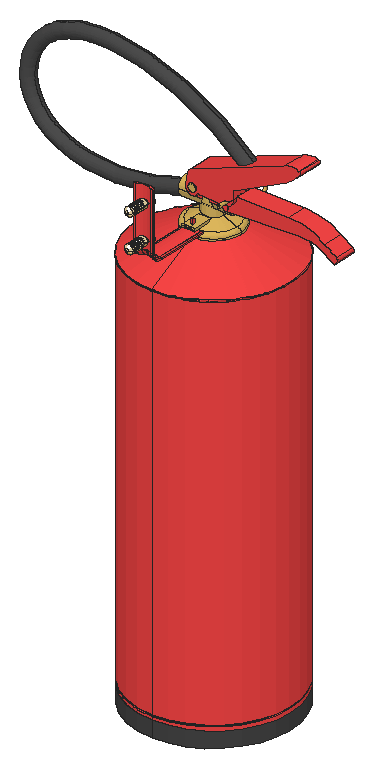
Revit family "Extintor Portátil - A", category Proteção contra incêndio, Revit 2026
Family settings
  Cota do conector redondo = Utilizar diâmetro
  Tipo de parte = Normal
  Com base no plano de trabalho = Não
  Ativar corte nas vistas = Sim
  Sempre na vertical = Sim
  Corte com vazios quando carregada = Não
  Manter orientação da anotação = Não
  Compartilhado = Sim
  Ponto de cálculo do ambiente = Não
Parameters (values of type "2A - 10L")
  Tipo de imagem = Extintor - A.png
  Tipo = "A"
  SÍMBOLO = yes
  Sinalização de Solo [instance] = no
  Pernambuco = no
  Mato Grosso = no
  IMAGEM SIMBOLO PERNAMBUCO = 0
  IMAGEM SIMBOLO MATO GROSSO = 0
  IMAGEM SIMBOLO DISTRITO FEDERAL = 0
  IMAGEM SIMBOLO DEMAIS ESTADOS = 0
  Formato = "Portátil"
  Distrito Federal = no
  Desloc. Frente [instance] = 22.00 cm
  Desloc. Esquerda [instance] = 0.00 cm
  Descrição = "Extintor Portátil - 2-A - 10L"
  Elevação padrão = 0.00 cm
  DESCRIÇÃO DO MATERIAL = Descrição  # "Extintor Portátil - 2-A - 10L"
  Type Comments = ""
  Demais estados = yes
  Carga = "10 L"
  Capacidade Extintora = "2-A"
  Altura Instalada = 160.00 cm
Reference planes (cm)
  plane 1 "Centro (Frente/Trás)": y = 0
  plane 2: z = 0
  plane 3 "Centro (Esquerda/Direita)": x = 0
  plane 4: z = 160
  plane 5: z = 114.8285
Forms (cm)
  Revolve 1, solid, material "LATÃO", not visible
    sketch origin (512.5, 9.4644, -108.8868) x (1, 0, 0) y (0, 0, -1)
      loop
        line (-515.352, -267.1402) -> (-515.352, -267.3086)
        arc (-515.352, -267.3086) -> (-515.2378, -267.604) -> (-514.9545, -267.7457) r 0.4391
        line (-514.9545, -267.7457) -> (-513.5976, -268.3784) -> (-513.5976, -270.9598) -> (-512.5, -270.9598) -> (-512.5, -267.1402) -> (-515.352, -267.1402)
      axis (-512.5, -270.9598) -> (-512.5, -267.1402)
    angle from 0 to 360
  Extrusion 2, solid, material "LATÃO", not visible
    sketch origin (0, -8.5356, -108.8868) x (0, 1, 0) y (0, 0, -1)
      loop
        circle (18, -269.8519) r 1
    from -2.2901 to 2.852
  Extrusion 3, solid, material "Pintura Vermelha", not visible
    sketch origin (512.5, 11.7385, -108.8868) x (1, 0, 0) y (0, 0, -1)
      loop
        line (-514.431, -270.7615) -> (-514.2399, -271.8201)
        arc (-514.2399, -271.8201) -> (-514.07, -272.1841) -> (-513.7426, -272.4168) r 0.7871
        line (-513.7426, -272.4168) -> (-504.0905, -276.0508)
        arc (-504.0905, -276.0508) -> (-503.3249, -276.2128) -> (-502.5558, -276.0688) r 2
        line (-502.5558, -276.0688) -> (-502.4623, -276.0312)
        arc (-502.4623, -276.0312) -> (-502.359, -275.9073) -> (-502.4054, -275.7529) r 0.1702
        line (-502.4054, -275.7529) -> (-502.8188, -275.3394)
        arc (-502.8188, -275.3394) -> (-503.3151, -274.918) -> (-503.8731, -274.5828) r 4
        line (-503.8731, -274.5828) -> (-509.346, -271.8744) -> (-509.346, -271.0161)
        arc (-509.346, -271.0161) -> (-509.5312, -270.5072) -> (-510.0002, -270.2364) r 0.7917
        line (-510.0002, -270.2364) -> (-510.5886, -270.1327) -> (-513.1244, -270.31)
        arc (-513.1244, -270.31) -> (-513.9703, -269.9786) -> (-514.431, -270.7615) r 0.7
      loop
        circle (-513.7416, -270.6402) r 0.3999
      loop
        circle (-510.1681, -270.511) r 0.174
    from -3.5171 to -1.0457
  Extrusion 4, solid, material "Pintura Vermelha", not visible
    sketch origin (512.5, 11.7385, -108.8868) x (1, 0, 0) y (0, 0, -1)
      loop
        line (-514.4685, -270.738) -> (-514.2111, -271.6263)
        arc (-514.2111, -271.6263) -> (-514.1084, -271.7833) -> (-513.931, -271.8441) r 0.289
        line (-513.931, -271.8441) -> (-509.9322, -271.8441)
        arc (-509.9322, -271.8441) -> (-509.5653, -271.7141) -> (-509.3622, -271.382) r 0.5825
        line (-509.3622, -271.382) -> (-509.3259, -271.2101) -> (-503.785, -271.2101)
        arc (-503.785, -271.2101) -> (-501.8304, -270.9093) -> (-500.0567, -270.0346) r 6.5
        line (-500.0567, -270.0346) -> (-498.8325, -269.1774)
        arc (-498.8325, -269.1774) -> (-498.7163, -268.9761) -> (-498.7958, -268.7576) r 0.275
        line (-498.7958, -268.7576) -> (-499.0612, -268.4922) -> (-500.8253, -269.5254)
        arc (-500.8253, -269.5254) -> (-501.7717, -269.8338) -> (-502.7644, -269.9058) r 4.1122
        line (-502.7644, -269.9058) -> (-510.4608, -269.5288) -> (-510.7626, -269.8306) -> (-513.8876, -269.8306)
        arc (-513.8876, -269.8306) -> (-514.3665, -270.1636) -> (-514.4685, -270.738) r 0.7603
      loop
        circle (-513.7416, -270.6402) r 0.3999
      loop
        circle (-510.1792, -270.5042) r 0.2205
    from -3.3101 to -1.2023
  Extrusion 5, solid, material "LATÃO", not visible, detail levels medium+fine
    sketch origin (512.5, 13.2385, -108.2618) x (1, 0, 0) y (0, 0, -1)
      loop
        circle (-512.5, -269.2509) r 1.5
    from -1.2576 to -0.9824
  Sweep 6, solid, material "MANGUEIRA EXTINTOR", not visible
    path origin (512.5, 9.4099, -108.8868) x (1, 0, 0) y (0, 0, -1)
      loop
        spline (-514.8263, -269.8635) -> (-519.9522, -268.4972) -> (-524.5272, -268.3983) -> (-528.2055, -269.3959) -> (-530.6532, -271.3101) -> (-531.7331, -273.8106) -> (-531.4716, -276.4419) -> (-529.9001, -278.7449) -> (-527.05, -280.2603) -> (-523.041, -280.6093) -> (-518.283, -279.6772) -> (-513.2454, -277.403) -> (-508.3975, -273.7263)
    profile origin (-18.9716, 9.4099, 167.5551) x (0.940178, 0, -0.340682) y (0, 1, 0)
      loop
        circle (0, 0) r 0.7064
  Extrusion 7, solid, material "LATÃO", not visible
    sketch origin (512.5, 11.7385, -1.7466) x (1, 0, 0) y (0, 0, -1)
      loop
        circle (-513.7416, -163.5) r 0.3999
    from -3.5547 to -1.0118
  Sweep 8, solid, material "LATÃO", not visible
    path origin (-10.6073, 13.9644, 176.5919) x (-0.653611, 0, 0.756831) y (0, 1, 0)
      loop
        line (-19.7675, -6.7287) -> (-19.7675, -3.2287)
        arc (-19.7675, -3.2287) -> (-19.8376, -3.0235) -> (-20.0186, -2.9042) r 0.3352
        arc (-20.0186, -2.9042) -> (-19.7105, -0.9379) -> (-19.6283, -2.9265) r 1
    profile origin (2.3129, 8.9857, 161.6312) x (0.653611, 0, -0.756831) y (-0.756831, 0, -0.653611)
      loop
        circle (0, 0) r 0.1386
  Extrusion 9, solid, material "LATÃO", not visible
    sketch origin (0, 3.4644, -0.5084) x (0, 1, 0) y (0, 0, 1)
      loop
        line (4.8999, 160) -> (2.7614, 160)
        arc (2.7614, 160) -> (2.6976, 159.9769) -> (2.6634, 159.9183) r 0.0996
        line (2.6634, 159.9183) -> (2.6634, 159.8172)
        arc (2.6634, 159.8172) -> (2.6946, 159.7514) -> (2.7624, 159.7247) r 0.0992
        line (2.7624, 159.7247) -> (4.3095, 159.7247) -> (4.8999, 160)
    from -0.6244 to 0.6912
  Extrusion 10, void, not visible
    sketch origin (0, 0.2973, -1.1737) x (1, 0, 0) y (0, 1, 0)
      loop
        circle (-0.0064, 6.4293) r 0.2336
    from 160.2 to 160.7791
  Revolve 11, solid, material "Pintura Vermelha"
    sketch origin (0, 0, 0) x (0, 1, 0) y (0, 0, 1)
      loop
        line (9.1671, 159.4271) -> (9.1671, 116.4981) -> (17.1671, 116.4981) -> (17.1671, 116.8285) -> (16.9679, 116.8285) -> (16.9679, 117.0285) -> (17.1671, 117.0285) -> (17.1671, 156.6535)
        arc (17.1671, 156.6535) -> (17.2243, 156.6689) -> (17.2659, 156.711) r 0.1136
        arc (17.2659, 156.711) -> (17.2691, 156.7524) -> (17.2392, 156.7812) r 0.0487
        line (17.2392, 156.7812) -> (12.0191, 159.4271) -> (9.1671, 159.4271)
      axis (9.1671, 159.4271) -> (9.1671, 116.4981)
    angle from 0 to 360
  Revolve 12, solid, material "Cor Preta"
    sketch origin (0, 0, 0) x (0, 1, 0) y (0, 0, 1)
      loop
        line (9.1671, 116.4981) -> (9.1671, 114.8285) -> (17.1671, 114.8285) -> (17.1671, 116.4981) -> (9.1671, 116.4981)
      axis (9.1671, 116.4981) -> (9.1671, 114.8285)
    angle from 0 to 360
  Revolve 13, solid, material "LATÃO"
    sketch origin (512.5, 9.1671, -107.7131) x (1, 0, 0) y (0, 0, -1)
      loop
        line (-515.352, -267.1402) -> (-515.352, -267.3086)
        arc (-515.352, -267.3086) -> (-515.2378, -267.604) -> (-514.9545, -267.7457) r 0.4391
        line (-514.9545, -267.7457) -> (-513.5976, -268.3784) -> (-513.5976, -270.9598) -> (-512.5, -270.9598) -> (-512.5, -267.1402) -> (-515.352, -267.1402)
      axis (-512.5, -270.9598) -> (-512.5, -267.1402)
    angle from 0 to 360
  Extrusion 14, solid, material "LATÃO"
    sketch origin (0, -8.8329, -107.7131) x (0, 1, 0) y (0, 0, -1)
      loop
        circle (18, -269.8519) r 1
    from -2.2901 to 2.852
  Extrusion 15, solid, material "Pintura Vermelha"
    sketch origin (512.5, 11.4412, -107.7131) x (1, 0, 0) y (0, 0, -1)
      loop
        line (-514.431, -270.7615) -> (-514.2399, -271.8201)
        arc (-514.2399, -271.8201) -> (-514.07, -272.1841) -> (-513.7426, -272.4168) r 0.7871
        line (-513.7426, -272.4168) -> (-504.0905, -276.0508)
        arc (-504.0905, -276.0508) -> (-503.3249, -276.2128) -> (-502.5558, -276.0688) r 2
        line (-502.5558, -276.0688) -> (-502.4623, -276.0312)
        arc (-502.4623, -276.0312) -> (-502.359, -275.9073) -> (-502.4054, -275.7529) r 0.1702
        line (-502.4054, -275.7529) -> (-502.8188, -275.3394)
        arc (-502.8188, -275.3394) -> (-503.3151, -274.918) -> (-503.8731, -274.5828) r 4
        line (-503.8731, -274.5828) -> (-509.346, -271.8744) -> (-509.346, -271.0161)
        arc (-509.346, -271.0161) -> (-509.5312, -270.5072) -> (-510.0002, -270.2364) r 0.7917
        line (-510.0002, -270.2364) -> (-510.5886, -270.1327) -> (-513.1244, -270.31)
        arc (-513.1244, -270.31) -> (-513.9703, -269.9786) -> (-514.431, -270.7615) r 0.7
      loop
        circle (-513.7416, -270.6402) r 0.3999
      loop
        circle (-510.1681, -270.511) r 0.174
    from -3.5171 to -1.0457
  Extrusion 16, solid, material "Pintura Vermelha"
    sketch origin (512.5, 11.4412, -107.7131) x (1, 0, 0) y (0, 0, -1)
      loop
        line (-514.4685, -270.738) -> (-514.2111, -271.6263)
        arc (-514.2111, -271.6263) -> (-514.1084, -271.7833) -> (-513.931, -271.8441) r 0.289
        line (-513.931, -271.8441) -> (-509.9322, -271.8441)
        arc (-509.9322, -271.8441) -> (-509.5653, -271.7141) -> (-509.3622, -271.382) r 0.5825
        line (-509.3622, -271.382) -> (-509.3259, -271.2101) -> (-503.785, -271.2101)
        arc (-503.785, -271.2101) -> (-501.8304, -270.9093) -> (-500.0567, -270.0346) r 6.5
        line (-500.0567, -270.0346) -> (-498.8325, -269.1774)
        arc (-498.8325, -269.1774) -> (-498.7163, -268.9761) -> (-498.7958, -268.7576) r 0.275
        line (-498.7958, -268.7576) -> (-499.0612, -268.4922) -> (-500.8253, -269.5254)
        arc (-500.8253, -269.5254) -> (-501.7717, -269.8338) -> (-502.7644, -269.9058) r 4.1122
        line (-502.7644, -269.9058) -> (-510.4608, -269.5288) -> (-510.7626, -269.8306) -> (-513.8876, -269.8306)
        arc (-513.8876, -269.8306) -> (-514.3665, -270.1636) -> (-514.4685, -270.738) r 0.7603
      loop
        circle (-513.7416, -270.6402) r 0.3999
      loop
        circle (-510.1792, -270.5042) r 0.2205
    from -3.3101 to -1.2023
  Extrusion 17, solid, material "LATÃO"
    sketch origin (512.5, 12.9412, -107.0881) x (1, 0, 0) y (0, 0, -1)
      loop
        circle (-512.5, -269.2509) r 1.5
    from -1.2576 to -0.9824
  Sweep 18, solid, material "MANGUEIRA EXTINTOR"
    path origin (512.5, 9.1126, -107.7131) x (1, 0, 0) y (0, 0, -1)
      loop
        spline (-514.8263, -269.8635) -> (-519.9522, -268.4972) -> (-524.5272, -268.3983) -> (-528.2055, -269.3959) -> (-530.6532, -271.3101) -> (-531.7331, -273.8106) -> (-531.4716, -276.4419) -> (-529.9001, -278.7449) -> (-527.05, -280.2603) -> (-523.041, -280.6093) -> (-518.283, -279.6772) -> (-513.2454, -277.403) -> (-508.3975, -273.7263)
    profile origin (-18.9716, 9.1126, 168.7288) x (0.940178, 0, -0.340682) y (0, 1, 0)
      loop
        circle (0, 0) r 0.7064
  Extrusion 19, solid, material "LATÃO"
    sketch origin (512.5, 11.4412, -0.5729) x (1, 0, 0) y (0, 0, -1)
      loop
        circle (-513.7416, -163.5) r 0.3999
    from -3.5547 to -1.0118
  Sweep 20, solid, material "LATÃO"
    path origin (-10.6073, 13.6671, 177.7656) x (-0.653611, 0, 0.756831) y (0, 1, 0)
      loop
        line (-19.7675, -6.7287) -> (-19.7675, -3.2287)
        arc (-19.7675, -3.2287) -> (-19.8376, -3.0235) -> (-20.0186, -2.9042) r 0.3352
        arc (-20.0186, -2.9042) -> (-19.7105, -0.9379) -> (-19.6283, -2.9265) r 1
    profile origin (2.3129, 8.6884, 162.8049) x (0.653611, 0, -0.756831) y (-0.756831, 0, -0.653611)
      loop
        circle (0, 0) r 0.1386
  Extrusion 21, solid, material "LATÃO"
    sketch origin (0, 3.1671, 0.6653) x (0, 1, 0) y (0, 0, 1)
      loop
        line (4.8999, 160) -> (2.7614, 160)
        arc (2.7614, 160) -> (2.6976, 159.9769) -> (2.6634, 159.9183) r 0.0996
        line (2.6634, 159.9183) -> (2.6634, 159.8172)
        arc (2.6634, 159.8172) -> (2.6946, 159.7514) -> (2.7624, 159.7247) r 0.0992
        line (2.7624, 159.7247) -> (4.3095, 159.7247) -> (4.8999, 160)
    from -0.6244 to 0.6912
  Extrusion 22, solid, material "Sinalização de Solo - Vermelho", visible <- "Sinalização de Solo", detail levels fine
    sketch origin (0, 0, 0) x (1, 0, 0) y (0, 1, 0)
      loop
        line (-35, 15) -> (35, 15) -> (35, 85) -> (-35, 85) -> (-35, 15)
    from 0 to 0.1
  Extrusion 23, solid, material "Sinalização de Solo - Amarela", visible <- "Sinalização de Solo", detail levels fine
    sketch origin (0, 0, 0) x (1, 0, 0) y (0, 1, 0)
      loop
        line (-50, 0) -> (50, 0) -> (50, 100) -> (-50, 100) -> (-50, 0)
      loop
        line (-35, 15) -> (35, 15) -> (35, 85) -> (-35, 85) -> (-35, 15)
    from 0 to 0.1
Dimensions and locks (cm)
  "Altura Instalada": plane 4 to level
  locked: plane 5 to plane 4 at 45.1715
  "Desloc. Frente": plane 1 "Centro (Frente/Trás)" to nested 6
  "Desloc. Frente": plane 1 "Centro (Frente/Trás)" to nested 5
  "Desloc. Frente": plane 1 "Centro (Frente/Trás)" to nested 1
  "Desloc. Esquerda": nested 6 to plane 3 "Centro (Esquerda/Direita)"
  "Desloc. Esquerda": nested 5 to plane 3 "Centro (Esquerda/Direita)"
  "Desloc. Esquerda": nested 1 to plane 3 "Centro (Esquerda/Direita)"
  "Desloc. Frente": plane 1 "Centro (Frente/Trás)" to nested 7
  "Desloc. Esquerda": nested 7 to plane 3 "Centro (Esquerda/Direita)"
  aligned and locked: level to plane 2
Automatic sketch dimensions
  Revolve 11 sketch curve to plane 4 = 0.5729 cm
  Revolve 11 sketch curve to plane 1 "Centro (Frente/Trás)" = 9.1671 cm
  Revolve 11 sketch curve to Revolve 11 sketch curve = 2.852 cm
  plane 5 to Revolve 11 sketch curve = 2.20 cm
  Revolve 11 sketch curve to Revolve 11 sketch curve = 7.8008 cm
  Revolve 11 sketch curve to Revolve 11 sketch curve = 0.1992 cm  (x2)
  Revolve 11 sketch curve to Revolve 11 sketch curve = 0.0564 cm
  Revolve 11 sketch curve to plane 4 = 3.2188 cm
  Revolve 11 sketch curve to Revolve 11 sketch curve = 0.0157 cm
  Revolve 11 sketch curve to Revolve 11 sketch curve = 0.20 cm
  plane 5 to Revolve 11 sketch curve = 1.6697 cm
  Revolve 11 sketch curve to Revolve 11 sketch curve = 0.1277 cm
  Revolve 11 sketch curve to Revolve 11 sketch curve = 0.0461 cm
  Revolve 11 sketch curve to Revolve 11 sketch curve = 0.032 cm
  Revolve 11 sketch curve to Revolve 11 sketch curve = 0.00 cm  (x2)
  Revolve 11 sketch curve to Revolve 11 sketch curve = 0.3303 cm
  Revolve 12 sketch curve to plane 5 = 0.00 cm  (x2)
  plane 5 to Revolve 12 sketch curve = 1.6697 cm
  Revolve 12 sketch curve to plane 1 "Centro (Frente/Trás)" = 9.1671 cm
  Revolve 12 sketch curve to Revolve 12 sketch curve = 8.00 cm
  Revolve 12 sketch curve to Revolve 12 sketch curve = 0.00 cm
  Revolve 12 sketch curve to Revolve 12 sketch curve = 0.3303 cm
  Revolve 13 sketch curve to plane 3 "Centro (Esquerda/Direita)" = 0.00 cm  (x2)
  Revolve 13 sketch curve to Revolve 13 sketch curve = 1.0976 cm
  Revolve 13 sketch curve to plane 4 = 0.4045 cm
  Revolve 13 sketch curve to Revolve 13 sketch curve = 1.3153 cm
  plane 4 to Revolve 13 sketch curve = 0.0326 cm
  Revolve 13 sketch curve to Revolve 13 sketch curve = 0.0416 cm
  plane 4 to Revolve 13 sketch curve = 0.6653 cm
  Revolve 13 sketch curve to Revolve 13 sketch curve = 2.5813 cm
  Revolve 13 sketch curve to plane 4 = 0.5729 cm
  Revolve 13 sketch curve to Revolve 13 sketch curve = 0.2882 cm
  Revolve 13 sketch curve to Revolve 13 sketch curve = 0.9686 cm
  plane 4 to Extrusion 14 sketch curve = 2.1388 cm
  Extrusion 14 sketch curve to plane 1 "Centro (Frente/Trás)" = 9.1671 cm
  Extrusion 15 sketch curve to Extrusion 15 sketch curve = 0.00 cm  (x2)
  Extrusion 15 sketch curve to plane 3 "Centro (Esquerda/Direita)" = 1.931 cm
  Extrusion 15 sketch curve to Extrusion 15 sketch curve = 0.1912 cm
  Extrusion 15 sketch curve to Extrusion 15 sketch curve = 0.4972 cm
  Extrusion 15 sketch curve to Extrusion 15 sketch curve = 0.6894 cm
  Extrusion 15 sketch curve to Extrusion 15 sketch curve = 0.7746 cm
  Extrusion 15 sketch curve to plane 3 "Centro (Esquerda/Direita)" = 0.6244 cm
  plane 3 "Centro (Esquerda/Direita)" to Extrusion 15 sketch curve = 1.9114 cm
  Extrusion 15 sketch curve to Extrusion 15 sketch curve = 0.4204 cm
  Extrusion 15 sketch curve to Extrusion 15 sketch curve = 0.0305 cm
  Extrusion 15 sketch curve to Extrusion 15 sketch curve = 0.1679 cm
  Extrusion 15 sketch curve to Extrusion 15 sketch curve = 0.7917 cm
  plane 3 "Centro (Esquerda/Direita)" to Extrusion 15 sketch curve = 6.8527 cm
  Extrusion 15 sketch curve to Extrusion 15 sketch curve = 1.5568 cm
  Extrusion 15 sketch curve to Extrusion 15 sketch curve = 0.2174 cm
  Extrusion 15 sketch curve to Extrusion 15 sketch curve = 0.5716 cm
  Extrusion 15 sketch curve to Extrusion 15 sketch curve = 0.4827 cm
  Extrusion 15 sketch curve to Extrusion 15 sketch curve = 0.2631 cm
  Extrusion 15 sketch curve to Extrusion 15 sketch curve = 0.0301 cm
  Extrusion 15 sketch curve to Extrusion 15 sketch curve = 0.0935 cm
  Extrusion 15 sketch curve to Extrusion 15 sketch curve = 0.1204 cm
  plane 4 to Extrusion 15 sketch curve = 10.4547 cm
  Extrusion 15 sketch curve to Extrusion 15 sketch curve = 2.0991 cm
  Extrusion 15 sketch curve to Extrusion 15 sketch curve = 0.018 cm
  Extrusion 15 sketch curve to Extrusion 15 sketch curve = 0.0376 cm
  Extrusion 15 sketch curve to Extrusion 15 sketch curve = 0.1579 cm
  Extrusion 15 sketch curve to Extrusion 15 sketch curve = 0.4135 cm
  plane 4 to Extrusion 15 sketch curve = 4.7037 cm
  plane 4 to Extrusion 15 sketch curve = 4.1613 cm
  Extrusion 15 sketch curve to Extrusion 15 sketch curve = 0.5967 cm
  Extrusion 15 sketch curve to Extrusion 15 sketch curve = 0.8584 cm
  Extrusion 15 sketch curve to Extrusion 15 sketch curve = 1.0586 cm
  Extrusion 15 sketch curve to Extrusion 15 sketch curve = 0.1213 cm
  Extrusion 15 sketch curve to Extrusion 15 sketch curve = 0.2746 cm
  Extrusion 15 sketch curve to Extrusion 15 sketch curve = 0.3783 cm
  Extrusion 16 sketch curve to plane 3 "Centro (Esquerda/Direita)" = 1.9685 cm
  Extrusion 16 sketch curve to Extrusion 16 sketch curve = 0.2574 cm
  Extrusion 16 sketch curve to Extrusion 16 sketch curve = 0.2801 cm
  Extrusion 16 sketch curve to Extrusion 16 sketch curve = 0.5809 cm
  Extrusion 16 sketch curve to Extrusion 16 sketch curve = 0.7269 cm
  Extrusion 16 sketch curve to Extrusion 16 sketch curve = 0.0154 cm
  plane 3 "Centro (Esquerda/Direita)" to Extrusion 16 sketch curve = 1.7374 cm
  Extrusion 16 sketch curve to Extrusion 16 sketch curve = 0.3018 cm  (x2)
  Extrusion 16 sketch curve to Extrusion 16 sketch curve = 0.5834 cm
  Extrusion 16 sketch curve to Extrusion 16 sketch curve = 0.2471 cm
  Extrusion 16 sketch curve to Extrusion 16 sketch curve = 0.57 cm
  Extrusion 16 sketch curve to Extrusion 16 sketch curve = 0.0363 cm
  Extrusion 16 sketch curve to plane 4 = 3.003 cm
  Extrusion 16 sketch curve to Extrusion 16 sketch curve = 6.6758 cm
  plane 4 to Extrusion 16 sketch curve = 2.1927 cm
  Extrusion 16 sketch curve to Extrusion 16 sketch curve = 1.0206 cm
  Extrusion 16 sketch curve to Extrusion 16 sketch curve = 1.2217 cm
  plane 4 to Extrusion 16 sketch curve = 1.8123 cm
  Extrusion 16 sketch curve to Extrusion 16 sketch curve = 1.9391 cm
  plane 4 to Extrusion 16 sketch curve = 2.3215 cm
  Extrusion 16 sketch curve to Extrusion 16 sketch curve = 0.7686 cm
  plane 4 to Extrusion 16 sketch curve = 0.7791 cm
  Extrusion 16 sketch curve to Extrusion 16 sketch curve = 0.9955 cm
  Extrusion 16 sketch curve to Extrusion 16 sketch curve = 0.0709 cm
  plane 4 to Extrusion 16 sketch curve = 1.4643 cm
  Extrusion 16 sketch curve to Extrusion 16 sketch curve = 0.1578 cm
  plane 4 to Extrusion 16 sketch curve = 1.0445 cm
  Extrusion 16 sketch curve to Extrusion 16 sketch curve = 0.1945 cm
  Extrusion 16 sketch curve to Extrusion 16 sketch curve = 0.0515 cm
  Extrusion 16 sketch curve to Extrusion 16 sketch curve = 0.1719 cm
  Extrusion 16 sketch curve to Extrusion 16 sketch curve = 0.289 cm
  Extrusion 16 sketch curve to Extrusion 16 sketch curve = 0.8883 cm
  Extrusion 16 sketch curve to Extrusion 16 sketch curve = 0.0978 cm
  Extrusion 16 sketch curve to Extrusion 16 sketch curve = 0.0666 cm
  Extrusion 16 sketch curve to Extrusion 16 sketch curve = 0.7574 cm
  Extrusion 17 sketch curve to plane 3 "Centro (Esquerda/Direita)" = 0.00 cm
  plane 4 to Extrusion 17 sketch curve = 2.1628 cm
  Sweep 18 sketch curve to plane 3 "Centro (Esquerda/Direita)" = 2.3263 cm
  plane 4 to Sweep 18 sketch curve = 6.0132 cm
  plane 3 "Centro (Esquerda/Direita)" to Sweep 18 sketch curve = 4.1025 cm
  plane 4 to Sweep 18 sketch curve = 2.1504 cm
  Sweep 18 sketch curve to profile plane = 0.00 cm  (x2)
  Extrusion 19 sketch curve to plane 3 "Centro (Esquerda/Direita)" = 1.2416 cm
  plane 4 to Extrusion 19 sketch curve = 2.9271 cm
  Sweep 20 sketch curve to plane 1 "Centro (Frente/Trás)" = 10.4384 cm
  Sweep 20 sketch curve to Sweep 20 sketch curve = 0.3352 cm  (x2)
  Sweep 20 sketch curve to Sweep 20 sketch curve = 1.2925 cm
  Sweep 20 sketch curve to Sweep 20 sketch curve = 0.00 cm
  Sweep 20 sketch curve to Sweep 20 sketch curve = 0.1392 cm
  Sweep 20 sketch curve to Sweep 20 sketch curve = 3.50 cm
  profile plane to Sweep 20 sketch curve = 0.00 cm  (x2)
  plane 4 to Extrusion 21 sketch curve = 0.5836 cm
  Extrusion 21 sketch curve to plane 1 "Centro (Frente/Trás)" = 5.8305 cm
  Extrusion 21 sketch curve to Extrusion 21 sketch curve = 0.098 cm
  Extrusion 21 sketch curve to Extrusion 21 sketch curve = 0.099 cm
  plane 4 to Extrusion 21 sketch curve = 0.39 cm
  Extrusion 21 sketch curve to Extrusion 21 sketch curve = 1.5471 cm
  plane 4 to Extrusion 21 sketch curve = 0.6653 cm
  Extrusion 21 sketch curve to Extrusion 21 sketch curve = 0.5904 cm
  Extrusion 21 sketch curve to Extrusion 21 sketch curve = 0.101 cm
  Extrusion 22 sketch curve to plane 3 "Centro (Esquerda/Direita)" = 35.00 cm
  plane 3 "Centro (Esquerda/Direita)" to Extrusion 22 sketch curve = 35.00 cm
  Extrusion 22 sketch curve to plane 1 "Centro (Frente/Trás)" = 15.00 cm
  Extrusion 22 sketch curve to Extrusion 22 sketch curve = 70.00 cm
  plane 1 "Centro (Frente/Trás)" to Extrusion 23 sketch curve = 0.00 cm
  Extrusion 23 sketch curve to plane 3 "Centro (Esquerda/Direita)" = 50.00 cm
  Extrusion 23 sketch curve to Extrusion 23 sketch curve = 15.00 cm  (x3)
  Extrusion 23 sketch curve to plane 1 "Centro (Frente/Trás)" = 15.00 cm
  plane 3 "Centro (Esquerda/Direita)" to Extrusion 23 sketch curve = 35.00 cm
  Extrusion 23 sketch curve to Extrusion 23 sketch curve = 70.00 cm
  radius of Extrusion 14 sketch curve = 1.00 cm
  radius of Extrusion 15 sketch curve = 0.3999 cm
  radius of Extrusion 15 sketch curve = 0.174 cm
  radius of Extrusion 16 sketch curve = 0.3999 cm
  radius of Extrusion 16 sketch curve = 0.2205 cm
  radius of Extrusion 17 sketch curve = 1.50 cm
  radius of Sweep 18 sketch curve = 0.7064 cm
  radius of Extrusion 19 sketch curve = 0.3999 cm
  radius of Sweep 20 sketch curve = 0.1386 cm
Nested families (cm)
  nested 1: "CARGA DE ÁGUA A" at (0, 22, 0) x (-1, 0, 0) z (0, 0, 1), visible <- "Demais estados", type "CARGA DE ÁGUA A 1-100", detail levels coarse+medium
    with Esc. Símbolo - 1/100~200 no, Desloc. Frente 0.00 cm, Desloc. Esquerda 0.00 cm
  nested 2: "Suporte Universal de Extintor" at (0, 0, 160) x (0, -1, 0) z (0, 0, 1), type "Suporte Universal de Extintor", detail levels medium+fine
  nested 3: "Parafuso Nº 08 com Bucha 08" at (-0.0069, 0.3919, 161.8745) x (1, 0.004, 0) z (-0.004, 1, 0), type "Parafuso Nº 08 - Bucha Nº 08"
  nested 4: "Parafuso Nº 08 com Bucha 08" at (-0.0002, 0.3922, 165.3708) x (1, 0.0002, 0) z (-0.0002, 1, 0), type "Parafuso Nº 08 - Bucha Nº 08"
  nested 5: "EXTINTOR - CARGA DE ÁGUA A 1-100 - DF" at (0, 22, 0), visible <- "Distrito Federal", type "EXTINTOR - CARGA DE ÁGUA A 1-100 - DF", detail levels coarse+medium
    with Esc. Símbolo - 1/100~200 yes, Desloc. Frente 0.00 cm, Desloc. Esquerda 2.8557 cm
  nested 6: "EXTINTOR - CARGA DE ÁGUA A 1-100 - PE" at (0, 22, 0), visible <- "Pernambuco", type "EXTINTOR - CARGA DE ÁGUA A 1-100 - PE", detail levels coarse+medium
    with Esc. Símbolo - 1/100~200 yes, Desloc. Frente 0.00 cm, Desloc. Esquerda 2.8557 cm
  nested 7: "CARGA DE ÁGUA A" at (0, 22, 0) x (-1, 0, 0) z (0, 0, 1), visible <- "Mato Grosso", type "CARGA DE ÁGUA A 1-100", detail levels coarse+medium
    with Esc. Símbolo - 1/100~200 no, Desloc. Frente 0.00 cm, Desloc. Esquerda 0.00 cm
Definition of nested family "Suporte Universal de Extintor"
  Parameters (values of type "Suporte Universal de Extintor")
    Default Elevation = 121.92 cm
    Description = "Suporte Universal"
  Reference planes (cm)
    plane 1 "Centro (Frente/Trás)": y = 0
    plane 2: z = 0
    plane 3 "Centro (Esquerda/Direita)": x = 0
  Forms (cm)
    Sweep 1, solid, detail levels fine
      path origin (0, -0.0046, 0) x (-1, 0, 0) y (0, 0, -1)
        loop
          line (6.5, 0) -> (0.9978, 0)
          arc (0.9978, 0) -> (0.2923, -0.2923) -> (0, -0.9978) r 0.9978
          line (0, -0.9978) -> (0, -7)
      profile origin (-3.7489, -0.0046, 0) x (0, 0, 1) y (0, -1, 0)
        loop
          line (0, 0.9938) -> (0, 0.798)
          arc (0, 0.798) -> (0.2, -0.0031) -> (0, -0.8041) r 1.7043
          line (0, -0.8041) -> (0, -1) -> (0.0993, -1)
          arc (0.0993, -1) -> (0.1705, -0.9705) -> (0.2, -0.8993) r 0.1007
          line (0.2, -0.8993) -> (0.2, -0.7983)
          arc (0.2, -0.7983) -> (0.3905, -0.0047) -> (0.2, 0.789) r 1.7487
          line (0.2, 0.789) -> (0.2, 0.8899)
          arc (0.2, 0.8899) -> (0.1696, 0.9634) -> (0.0961, 0.9938) r 0.1039
          line (0.0961, 0.9938) -> (0, 0.9938)
    Extrusion 2, void
      sketch origin (0, -0.0015, 0.0031) x (0, 1, 0) y (0, 0, -1)
        loop
          circle (0, -5.3731) r 0.3
        loop
          circle (0, -1.8731) r 0.3
      from 0.0451 to 0.4141
    Extrusion 3, void
      sketch origin (0, -0.0015, 0.0031) x (-1, 0, 0) y (0, -1, 0)
        loop
          circle (1.8404, 0) r 0.3
        loop
          circle (4.8404, 0) r 0.3
      from 0.0525 to 0.4326
    Sweep 4, solid, detail levels fine
      path origin (0, -0.0015, 0.0031) x (-1, 0, 0) y (0, -1, 0)
        loop
          line (0, -0.2529) -> (0, 0.2471)
      profile origin (0, 0.0015, 0.0031) x (1, 0, 0) y (0, 0, 1)
        loop
          arc (-0.9978, 0.109) -> (-0.4067, 0.3993) -> (-0.1252, 0.9947) r 0.9978
          line (-0.1252, 0.9947) -> (-0.4658, 0.9947)
          arc (-0.4658, 0.9947) -> (-0.842, 0.8389) -> (-0.9978, 0.4627) r 0.532
          line (-0.9978, 0.4627) -> (-0.9978, 0.109)
    Sweep 5, solid, detail levels fine
      path in 3D
        loop
          arc (-6.5, -0.0989, 0.3877) -> (-6.5, -0.0003, 0.3905) -> (-6.5, 0.0984, 0.3877) r 1.7487
      profile origin (-6.5, -0.0003, 0.3905) x (-1, 0, 0) y (0, -0.000219, 1)
        loop
          line (0, 0) -> (0, 0.6637)
          arc (0, 0.6637) -> (-0.0242, 0.7221) -> (-0.0827, 0.7463) r 0.0827
          line (-0.0827, 0.7463) -> (-0.1624, 0.7463) -> (-0.1624, 0) -> (0, 0)
  Cuts and joins
    Extrusion 2 cuts Sweep 1
  Lines and regions (cm)
    sketch lines
      curve 1: arc (-6.5, -0.0989, 0.3877) -> (-6.5, -0.0003, 0.3905) -> (-6.5, 0.0984, 0.3877) r 1.7487
  Dimensions and locks (cm)
    aligned and locked: level to plane 2
  Nested families (cm)
    nested 1: "Parafuso Nº 08 com Bucha 08" at (-0.3919, -0.0069, 1.8745) x (-0.004, 1, 0) z (-1, -0.004, 0), type "Parafuso Nº 08 - Bucha Nº 08", detail levels fine
    nested 2: "Parafuso Nº 08 com Bucha 08" at (-0.3922, -0.0002, 5.3708) x (-0.0002, 1, 0) z (-1, -0.0002, 0), type "Parafuso Nº 08 - Bucha Nº 08", detail levels fine
  Definition of nested family "Parafuso Nº 08 com Bucha 08"
    Parameters (values of type "Parafuso Nº 08 - Bucha Nº 08")
      Rede Social: = "@GAlves"
      Família Criada por: = "Geraldo G. Alves"
      Email p/ contato: = "geraldoalvesbim@gmail.com"
      Default Elevation = 0.00 cm
    Reference planes (cm)
      plane 1 "Centro (Frente/Trás)": y = 0
      plane 2: z = 0
      plane 3 "Centro (Esquerda/Direita)": x = 0
    Forms (cm)
      Revolve 1, solid, detail levels fine
        sketch origin (0, 0, 0) x (1, 0, 0) y (0, 0, 1)
          loop
            line (0, 0.3324) -> (0, -2.1985) -> (0.2983, -1.9001) -> (0.2983, -0.0012) -> (0.6054, -0.0012) -> (0.6054, 0.3324) -> (0, 0.3324)
          axis (0, 0.3324) -> (0, -2.1985)
        angle from 0 to 360
      Extrusion 2, void
        sketch origin (0, 0, 0) x (1, 0, 0) y (0, 1, 0)
          loop
            line (-0.6795, -0.0613) -> (0.7114, -0.0613)
            arc (0.7114, -0.0613) -> (0.7205, -0.0003) -> (0.72, 0.0613) r 0.4
            line (0.72, 0.0613) -> (-0.6819, 0.0613)
            arc (-0.6819, 0.0613) -> (-0.6854, -0.0001) -> (-0.6795, -0.0613) r 0.4
        from 0.0805 to 0.4173
      Revolve 3, solid, not visible
        sketch origin (0, 0, 0) x (1, 0, 0) y (0, 0, 1)
          loop
            line (0, 0.3324) -> (0, -1.2474) -> (0.202, -1.2474) -> (0.202, -0.0012) -> (0.4, -0.0012) -> (0.4, 0.3324) -> (0, 0.3324)
          axis (0, 0.3324) -> (0, -1.2474)
        angle from 0 to 360
      Extrusion 4, void, not visible
        sketch origin (0, 0, 0) x (1, 0, 0) y (0, 1, 0)
          loop
            line (-0.3953, -0.0613) -> (0.3953, -0.0613)
            arc (0.3953, -0.0613) -> (0.4, 0) -> (0.3953, 0.0613) r 0.4
            line (0.3953, 0.0613) -> (-0.3953, 0.0613)
            arc (-0.3953, 0.0613) -> (-0.4, 0) -> (-0.3953, -0.0613) r 0.4
        from 0.0805 to 0.4173
      Revolve 5, solid, detail levels fine
        sketch origin (0, 0, 0) x (1, 0, 0) y (0, 0, 1)
          loop
            line (0.2983, -0.4335) -> (0.2983, -2.2322) -> (0, -2.5012) -> (0.1701, -2.5012) -> (0.4477, -2.2509) -> (0.4477, -2.154) -> (0.3622, -2.154) -> (0.3622, -2.0652)
            arc (0.3622, -2.0652) -> (0.395, -1.9998) -> (0.4477, -1.949) r 0.2161
            line (0.4477, -1.949) -> (0.4477, -1.8673) -> (0.3622, -1.8673) -> (0.3622, -1.7785)
            arc (0.3622, -1.7785) -> (0.395, -1.7131) -> (0.4477, -1.6623) r 0.2161
            line (0.4477, -1.6623) -> (0.4477, -1.5807) -> (0.3622, -1.5807) -> (0.3622, -1.4918)
            arc (0.3622, -1.4918) -> (0.395, -1.4264) -> (0.4477, -1.3757) r 0.2161
            line (0.4477, -1.3757) -> (0.4477, -1.294) -> (0.3622, -1.294) -> (0.3622, -1.2051)
            arc (0.3622, -1.2051) -> (0.395, -1.1397) -> (0.4477, -1.089) r 0.2161
            line (0.4477, -1.089) -> (0.4477, -1.0073) -> (0.3622, -1.0073) -> (0.3622, -0.9184)
            arc (0.3622, -0.9184) -> (0.395, -0.853) -> (0.4477, -0.8023) r 0.2161
            line (0.4477, -0.8023) -> (0.4477, -0.4335) -> (0.2983, -0.4335)
          axis (0, -0.4335) -> (0, -2.5012)
        angle from 0 to 360
    Cuts and joins
      Extrusion 2 cuts Revolve 1
    Dimensions and locks (cm)
      Revolve 1 sketch curve to Revolve 1 sketch curve = 0.6054 cm
      aligned and locked: level to plane 2
Definition of nested family "Parafuso Nº 08 com Bucha 08"
  Parameters (values of type "Parafuso Nº 08 - Bucha Nº 08")
    Rede Social: = "@GAlves"
    Família Criada por: = "Geraldo G. Alves"
    Email p/ contato: = "geraldoalvesbim@gmail.com"
    Default Elevation = 0.00 cm
  Reference planes (cm)
    plane 1 "Centro (Frente/Trás)": y = 0
    plane 2: z = 0
    plane 3 "Centro (Esquerda/Direita)": x = 0
  Forms (cm)
    Revolve 1, solid, detail levels fine
      sketch origin (0, 0, 0) x (1, 0, 0) y (0, 0, 1)
        loop
          line (0, 0.3324) -> (0, -2.1985) -> (0.2983, -1.9001) -> (0.2983, -0.0012) -> (0.6054, -0.0012) -> (0.6054, 0.3324) -> (0, 0.3324)
        axis (0, 0.3324) -> (0, -2.1985)
      angle from 0 to 360
    Extrusion 2, void
      sketch origin (0, 0, 0) x (1, 0, 0) y (0, 1, 0)
        loop
          line (-0.6795, -0.0613) -> (0.7114, -0.0613)
          arc (0.7114, -0.0613) -> (0.7205, -0.0003) -> (0.72, 0.0613) r 0.4
          line (0.72, 0.0613) -> (-0.6819, 0.0613)
          arc (-0.6819, 0.0613) -> (-0.6854, -0.0001) -> (-0.6795, -0.0613) r 0.4
      from 0.0805 to 0.4173
    Revolve 3, solid, not visible
      sketch origin (0, 0, 0) x (1, 0, 0) y (0, 0, 1)
        loop
          line (0, 0.3324) -> (0, -1.2474) -> (0.202, -1.2474) -> (0.202, -0.0012) -> (0.4, -0.0012) -> (0.4, 0.3324) -> (0, 0.3324)
        axis (0, 0.3324) -> (0, -1.2474)
      angle from 0 to 360
    Extrusion 4, void, not visible
      sketch origin (0, 0, 0) x (1, 0, 0) y (0, 1, 0)
        loop
          line (-0.3953, -0.0613) -> (0.3953, -0.0613)
          arc (0.3953, -0.0613) -> (0.4, 0) -> (0.3953, 0.0613) r 0.4
          line (0.3953, 0.0613) -> (-0.3953, 0.0613)
          arc (-0.3953, 0.0613) -> (-0.4, 0) -> (-0.3953, -0.0613) r 0.4
      from 0.0805 to 0.4173
    Revolve 5, solid, detail levels fine
      sketch origin (0, 0, 0) x (1, 0, 0) y (0, 0, 1)
        loop
          line (0.2983, -0.4335) -> (0.2983, -2.2322) -> (0, -2.5012) -> (0.1701, -2.5012) -> (0.4477, -2.2509) -> (0.4477, -2.154) -> (0.3622, -2.154) -> (0.3622, -2.0652)
          arc (0.3622, -2.0652) -> (0.395, -1.9998) -> (0.4477, -1.949) r 0.2161
          line (0.4477, -1.949) -> (0.4477, -1.8673) -> (0.3622, -1.8673) -> (0.3622, -1.7785)
          arc (0.3622, -1.7785) -> (0.395, -1.7131) -> (0.4477, -1.6623) r 0.2161
          line (0.4477, -1.6623) -> (0.4477, -1.5807) -> (0.3622, -1.5807) -> (0.3622, -1.4918)
          arc (0.3622, -1.4918) -> (0.395, -1.4264) -> (0.4477, -1.3757) r 0.2161
          line (0.4477, -1.3757) -> (0.4477, -1.294) -> (0.3622, -1.294) -> (0.3622, -1.2051)
          arc (0.3622, -1.2051) -> (0.395, -1.1397) -> (0.4477, -1.089) r 0.2161
          line (0.4477, -1.089) -> (0.4477, -1.0073) -> (0.3622, -1.0073) -> (0.3622, -0.9184)
          arc (0.3622, -0.9184) -> (0.395, -0.853) -> (0.4477, -0.8023) r 0.2161
          line (0.4477, -0.8023) -> (0.4477, -0.4335) -> (0.2983, -0.4335)
        axis (0, -0.4335) -> (0, -2.5012)
      angle from 0 to 360
  Cuts and joins
    Extrusion 2 cuts Revolve 1
  Dimensions and locks (cm)
    Revolve 1 sketch curve to Revolve 1 sketch curve = 0.6054 cm
    aligned and locked: level to plane 2
Definition of nested family "CARGA DE ÁGUA A"
  Parameters (values of type "CARGA DE ÁGUA A 1-100")
    Esc. Símbolo - 1/100~200 [instance] = yes
    Desloc. Frente [instance] = 0.00 cm
    Desloc. Esquerda [instance] = 0.00 cm
  Reference planes (cm)
    plane 1: y = 0
    plane 2: x = 0
  Lines and regions (cm)
    Masking region 1
      outline origin (-0.3625, 0.1586, 0) x (1, 0, 0) y (0, 1, 0)
        loop
          line (0.3625, 0.361) -> (0.0625, -0.1586) -> (0.6625, -0.1586) -> (0.3625, 0.361)
    Masking region 2, not visible
      outline origin (-0.3625, 0.1586, 0) x (1, 0, 0) y (0, 1, 0)
        loop
          line (0, 0.5196) -> (-0.3, 0) -> (0.3, 0) -> (0, 0.5196)
    detail lines
      curve 1: line (0.3, 0, 0) -> (-0.3, 0, 0)
      curve 2: line (-0.3, 0, 0) -> (0, 0.5196, 0)
      curve 3: line (0.3, 0, 0) -> (0, 0.5196, 0)
      curve 7: line (0.1049, 0.2409, 0) -> (-0.1049, 0.1051, 0)
      curve 9: circle (0, 0.173, 0) r 0.075 normal (0, 0, 1)
      curve 11: line (-0.1049, 0.2409, 0) -> (0.1049, 0.1051, 0)
    detail lines, not visible
      curve 4: line (-0.0625, 0.1586, 0) -> (-0.6625, 0.1586, 0)
      curve 5: line (-0.6625, 0.1586, 0) -> (-0.3625, 0.6782, 0)
      curve 6: line (-0.0625, 0.1586, 0) -> (-0.3625, 0.6782, 0)
      curve 8: line (-0.2576, 0.3995, 0) -> (-0.4675, 0.2637, 0)
      curve 10: circle (-0.3625, 0.3316, 0) r 0.075 normal (0, 0, 1)
      curve 12: line (-0.4675, 0.3995, 0) -> (-0.2576, 0.2637, 0)
  Dimensions and locks (cm)
    "Desloc. Esquerda": curve 3 to plane 2
    "Desloc. Frente": plane 1 to curve 1
  Automatic sketch dimensions
    Masking region 1 sketch curve to Masking region 1 sketch curve = 0.5196 cm
    Masking region 1 sketch curve to Masking region 1 sketch curve = 0.30 cm
    Masking region 1 sketch curve to Masking region 1 sketch curve = 0.60 cm
    curve 1 to curve 9 = 0.30 cm
    curve 9 to curve 1 = 0.30 cm
    curve 1 to curve 9 = 0.173 cm
    curve 7 to curve 9 = 0.1049 cm
    curve 11 to curve 9 = 0.1049 cm
    curve 11 to curve 3 = 0.1049 cm
    curve 9 to curve 11 = 0.1049 cm
    curve 9 to curve 7 = 0.1049 cm
    curve 7 to curve 9 = 0.0679 cm
    curve 11 to curve 9 = 0.0679 cm
    curve 9 to curve 11 = 0.0679 cm
    curve 9 to curve 7 = 0.0679 cm
    curve 7 to curve 3 = 0.2787 cm
    Masking region 2 sketch curve to Masking region 2 sketch curve = 0.5196 cm
    Masking region 2 sketch curve to Masking region 2 sketch curve = 0.30 cm
    Masking region 2 sketch curve to Masking region 2 sketch curve = 0.60 cm
    curve 4 to curve 10 = 0.30 cm
    curve 10 to curve 4 = 0.30 cm
    curve 4 to curve 10 = 0.173 cm
    curve 8 to curve 10 = 0.1049 cm
    curve 12 to curve 10 = 0.1049 cm
    curve 12 to curve 6 = 0.1049 cm
    curve 10 to curve 12 = 0.1049 cm
    curve 10 to curve 8 = 0.1049 cm
    curve 8 to curve 10 = 0.0679 cm
    curve 12 to curve 10 = 0.0679 cm
    curve 10 to curve 12 = 0.0679 cm
    curve 10 to curve 8 = 0.0679 cm
    curve 8 to curve 6 = 0.2787 cm
    radius of curve 9 = 0.075 cm
    radius of curve 10 = 0.075 cm
Definition of nested family "EXTINTOR - CARGA DE ÁGUA A 1-100 - DF"
  Parameters (values of type "EXTINTOR - CARGA DE ÁGUA A 1-100 - DF")
    Esc. Símbolo - 1/100~200 [instance] = yes
    Desloc. Frente [instance] = 0.00 cm
    Desloc. Esquerda [instance] = 2.8557 cm
  Reference planes (cm)
    plane 1: y = 0
    plane 2: x = 0
  Lines and regions (cm)
    Filled region 1, type "Extintores de incêndio"
      outline origin (0, 0, 0) x (1, 0, 0) y (0, 1, 0)
        loop
          circle (0, 0.3) r 0.08
    Filled region 2, type "Extintores de incêndio", not visible
      outline origin (0, 0, 0) x (1, 0, 0) y (0, 1, 0)
        loop
          circle (-0.3625, 0.4586) r 0.08
    detail lines
      curve 1: circle (0, 0.3, 0) r 0.3 normal (0, 0, 1)
      curve 2: circle (0, 0.3, 0) r 0.08 normal (0, 0, 1)
    detail lines, not visible
      curve 3: circle (-0.3625, 0.4586, 0) r 0.3 normal (0, 0, 1)
      curve 4: circle (-0.3625, 0.4586, 0) r 0.08 normal (0, 0, 1)
Definition of nested family "EXTINTOR - CARGA DE ÁGUA A 1-100 - PE"
  Parameters (values of type "EXTINTOR - CARGA DE ÁGUA A 1-100 - PE")
    Esc. Símbolo - 1/100~200 [instance] = yes
    Desloc. Frente [instance] = 0.00 cm
    Desloc. Esquerda [instance] = 2.8557 cm
  Reference planes (cm)
    plane 1: y = 0
    plane 2: x = 0
  Lines and regions (cm)
    detail lines
      curve 1: circle (0, 0.3, 0) r 0.3 normal (0, 0, 1)
      curve 2: circle (0, 0.3, 0) r 0.2 normal (0, 0, 1)
    detail lines, not visible
      curve 3: circle (-0.3625, 0.4586, 0) r 0.3 normal (0, 0, 1)
      curve 4: circle (-0.3625, 0.4586, 0) r 0.1981 normal (0, 0, 1)
